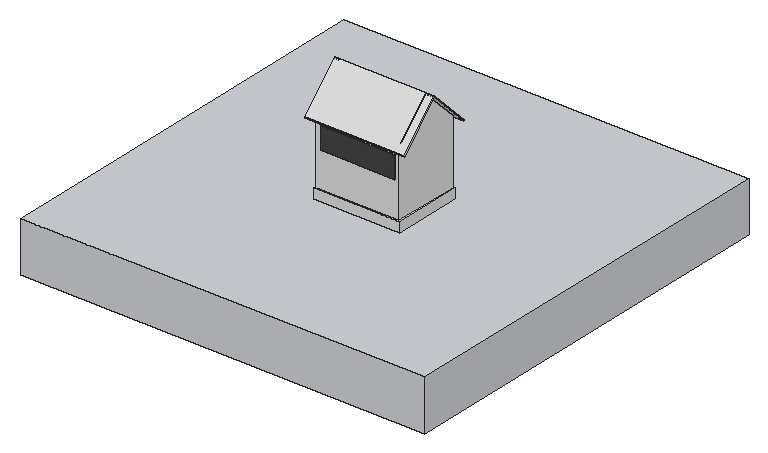
Revit family "KOMPLEKS CHEMOWENT - Czerpnia dachowa", category Akcesoria wentylacyjne, Revit 2016
Family settings
  Obiekt nadrzędny = Powierzchnia
  Typ części = Dzieli na
  Wymiar okrągłego złącza = Użyj średnicy
  Tnij formami wycięć po wczytaniu = Tak
  Współdzielony = Nie
Parameters
  x [instance] = Wysokość czerpni * 0.1  # 60 mm
  Odsunięcie kratki [instance] = Długość spadu * sin(Nachylenie dachu) + 30 mm  # 256.274 mm
  d [instance] = B ogr + 20 mm  # 520 mm
  c [instance] = A ogr + 20 mm  # 420 mm
  Zakres grubości płyt [instance] = "4,6,8,10 i 12 mm"
  Wysokość podstawy [instance] = 60 mm
  Wysokość czerpni [instance] = 600 mm
  URL = "https://chemowent.pl/"
  Szerokość czerpni [instance] = 400 mm
  Producent = "KOMPLEKS CHEMOWENT"
  Opis = "2.2.11. Czerpnia dachowa"
  Nachylenie dachu [instance] = 45.00°
  Model = "Czerpnia dachowa"
  Materiał = KOMPLEKS CHEMOWENT - PPs
  L [instance] = if(Wysokość czerpni < 500 mm, 500 mm, Wysokość czerpni)  # 600 mm
  Kratka = KOMPLEKS CHEMOWENT - żaluzja
  Grubość płyt [instance] = 10 mm
  Długość spadu [instance] = Szerokość czerpni * 0.8  # 320 mm
  Długość czerpni [instance] = 500 mm
  Default Elevation = 1219.2 mm
  Dokumentacja techniczna = "https://chemowent.pl/dopobrania/Katalog-techniczny-Chemowent"
  B ogr [instance] = if(Długość czerpni < 300 mm, 300 mm, Długość czerpni)  # 500 mm
  Autor = "www.archispace.pl"
  A ogr [instance] = if(Szerokość czerpni < 300 mm, 300 mm, Szerokość czerpni)  # 400 mm
Reference planes
  plane 1 "Środek (Przód/Tył)": y = 0
  plane 2: z = 0
  plane 3 "Środek (Lewa/Prawa)": x = 0
  plane 4: x = -260
  plane 5: x = 260
  plane 6: y = 210
  plane 7: y = -210
  plane 8: x = -250
  plane 9: x = 250
  plane 10: y = 200
  plane 11: y = -200
  plane 12: z = 660
  plane 13: z = 60
  plane 14: z = 330
Forms (mm)
  Extrusion 1, solid
    sketch origin (0, 0, 0) x (1, 0, 0) y (0, 1, 0)
      loop
        line (-1219.2, 1219.2) -> (-1219.2, -1219.2) -> (1219.2, -1219.2) -> (1219.2, 1219.2) -> (-1219.2, 1219.2)
    from 0 to -304.8
  Extrusion 2, solid, material "KOMPLEKS CHEMOWENT - PPs" <- "Materiał", detail levels fine
    sketch origin (0, 0, 0) x (1, 0, 0) y (0, 1, 0)
      loop
        line (-250, 200) -> (-250, -200) -> (250, -200) -> (250, 200) -> (-250, 200)
    from 0 to 660
  Extrusion 3, solid, material "KOMPLEKS CHEMOWENT - PPs" <- "Materiał", detail levels fine
    sketch origin (0, 0, 0) x (1, 0, 0) y (0, 1, 0)
      loop
        line (-260, 210) -> (-260, -210) -> (260, -210) -> (260, 210) -> (-260, 210)
    from 0 to 60 <- "Wysokość podstawy"
  Extrusion 4, solid, material "KOMPLEKS CHEMOWENT - PPs" <- "Materiał", detail levels fine
    sketch origin (0, 0, 0) x (0, 1, 0) y (0, 0, 1)
      loop
        line (0, 660) -> (-226.274, 433.726) -> (-222.739, 430.19) -> (0, 652.929) -> (222.739, 430.19) -> (226.274, 433.726) -> (0, 660)
    from -300 to 300
  Extrusion 5, void
    sketch origin (0, 0, 0) x (0, 1, 0) y (0, 0, 1)
      loop
        line (-210, 660) -> (-210, 450) -> (0, 660) -> (-210, 660)
    from -250 to 250
  Extrusion 6, void
    sketch origin (0, 0, 0) x (0, 1, 0) y (0, 0, 1)
      loop
        line (0, 660) -> (200, 460) -> (200, 660) -> (0, 660)
    from -250 to 250
  Extrusion 7, solid, material "KOMPLEKS CHEMOWENT - żaluzja" <- "Kratka", detail levels fine
    sketch origin (0, 0, 0) x (1, 0, 0) y (0, 0, 1)
      loop
        line (-225, 403.726) -> (-225, 270) -> (225, 270) -> (225, 403.726) -> (-225, 403.726)
    from 200 to 201
  Extrusion 8, solid, material "KOMPLEKS CHEMOWENT - PPs" <- "Materiał", detail levels medium
    sketch origin (0, 0, 0) x (0, 1, 0) y (0, 0, 1)
      loop
        line (-200, 0) -> (200, 0) -> (200, 460) -> (0, 660) -> (-200, 460) -> (-200, 0)
    from -250 to 250
Cuts and joins
  Extrusion 5, Extrusion 6 cuts Extrusion 2
  joined: Extrusion 2, Extrusion 3, Extrusion 4
Lines and regions (mm)
  model lines, style "DuctAccessory", detail levels coarse
    curve 1: line (0, -410, 330) -> (0, -210, 330)
    curve 2: line (0, -210, 330) -> (0, -280.711, 400.711)
    curve 3: line (0, -210, 330) -> (0, -280.711, 259.289)
    curve 4: line (0, -210, 330) -> (-70.711, -280.711, 330)
    curve 5: line (0, -210, 330) -> (70.711, -280.711, 330)
    curve 6: line (-250, 0, 660) -> (250, 0, 660)
    curve 7: line (-250, 0, 0) -> (-250, 0, 660)
    curve 8: line (250, 0, 0) -> (-250, 0, 0)
    curve 9: line (250, 0, 660) -> (250, 0, 0)
Dimensions and locks
  equal spacing: plane 8, plane 3 "Środek (Lewa/Prawa)", plane 9
  "B ogr": plane 8 to plane 9
  equal spacing: plane 10, plane 1 "Środek (Przód/Tył)", plane 11
  "A ogr": plane 10 to plane 11
  "c": plane 6 to plane 7
  "d": plane 4 to plane 5
  equal spacing: plane 6, plane 1 "Środek (Przód/Tył)", plane 7
  equal spacing: plane 4, plane 3 "Środek (Lewa/Prawa)", plane 5
  "Wysokość podstawy": plane 13 to level
  "L": plane 12 to plane 13
  "Długość spadu": Extrusion 4 sketch curve to Extrusion 4 sketch curve  (x2)
  locked: Extrusion 4 sketch curve to Extrusion 4 sketch curve at 5  (x2)
  locked: Extrusion 4 to plane 9 at 50
  locked: plane 8 to Extrusion 4 at 50
  locked: Extrusion 7 sketch curve to plane 8 at 25
  locked: plane 9 to Extrusion 7 sketch curve at 25
  "Odsunięcie kratki": plane 12 to Extrusion 7 sketch curve
  locked: Extrusion 7 to plane 11 at 1
  equal spacing: plane 12, curve 1, level
  locked: curve 1 to plane 7 at 200
  locked: curve 3 to curve 3 at 100
  locked: curve 2 to curve 2 at 100
  equal spacing: plane 12, plane 14, level
  locked: curve 5 to curve 5 at 100
  locked: curve 4 to curve 4 at 100
  "x": plane 14 to Extrusion 7 sketch curve
  "Nachylenie dachu": angle Extrusion 4 sketch curve to plane 12
  locked: Extrusion 4 sketch curve to Extrusion 4 sketch curve (angle 90.00°)  (x2)
  "Nachylenie dachu": angle plane 12 to Extrusion 4 sketch curve
  "Nachylenie dachu": angle plane 12 to Extrusion 5 sketch curve
  "Nachylenie dachu": angle Extrusion 6 sketch curve to plane 12
  "Nachylenie dachu": angle Extrusion 8 sketch curve to plane 12
  "Nachylenie dachu": angle plane 12 to Extrusion 8 sketch curve
  locked: curve 2 to curve 1 (angle 45.00°)
  locked: curve 1 to curve 3 (angle 45.00°)
  locked: curve 4 to plane 3 "Środek (Lewa/Prawa)" (angle 45.00°)
  locked: plane 3 "Środek (Lewa/Prawa)" to curve 5 (angle 45.00°)
  aligned and locked: plane 2 to Extrusion 1
  aligned and locked: level to Extrusion 1
  aligned and locked: Extrusion 2 sketch curve to plane 8
  aligned and locked: Extrusion 2 sketch curve to plane 10
  aligned and locked: Extrusion 2 sketch curve to plane 9
  aligned and locked: Extrusion 2 sketch curve to plane 11
  aligned and locked: Extrusion 3 sketch curve to plane 4
  aligned and locked: Extrusion 3 sketch curve to plane 6
  aligned and locked: Extrusion 3 sketch curve to plane 5
  aligned and locked: Extrusion 3 sketch curve to plane 7
  aligned and locked: plane 12 to Extrusion 2
  aligned and locked: cut or joined group of Extrusion 2, Extrusion 3, Extrusion 4, Extrusion 5, Extrusion 6 to level
  aligned and locked: plane 12 to Extrusion 4 sketch curve
  aligned and locked: plane 1 "Środek (Przód/Tył)" to Extrusion 4 sketch curve  (x2)
  aligned and locked: Extrusion 5 to plane 8
  aligned and locked: plane 9 to Extrusion 5
  aligned and locked: Extrusion 5 sketch curve to plane 7
  aligned and locked: Extrusion 5 sketch curve to plane 12
  aligned and locked: plane 1 "Środek (Przód/Tył)" to Extrusion 5 sketch curve
  aligned and locked: plane 12 to Extrusion 5 sketch curve
  aligned and locked: Extrusion 6 sketch curve to plane 12
  aligned and locked: Extrusion 6 sketch curve to plane 10
  aligned and locked: plane 1 "Środek (Przód/Tył)" to Extrusion 6 sketch curve
  aligned and locked: Extrusion 6 to plane 8
  aligned and locked: plane 9 to Extrusion 6
  aligned and locked: plane 11 to Extrusion 7
  aligned and locked: plane 11 to Extrusion 8 sketch curve
  aligned and locked: Extrusion 8 sketch curve to plane 10
  aligned and locked: level to Extrusion 8 sketch curve
  aligned and locked: plane 12 to Extrusion 8 sketch curve
  aligned and locked: plane 1 "Środek (Przód/Tył)" to Extrusion 8 sketch curve
  aligned and locked: Extrusion 8 to plane 8
  aligned and locked: plane 9 to Extrusion 8
  aligned and locked: plane 7 to curve 3
  aligned and locked: plane 7 to curve 2
  aligned and locked: plane 3 "Środek (Lewa/Prawa)" to curve 3
  aligned and locked: plane 7 to curve 4
  aligned and locked: plane 3 "Środek (Lewa/Prawa)" to curve 5
  aligned and locked: curve 6 to plane 12
  aligned and locked: plane 8 to curve 7
  aligned and locked: level to curve 8
  aligned and locked: curve 9 to plane 9
Automatic sketch dimensions
  Extrusion 1 sketch curve to Extrusion 1 sketch curve = 2438.4 mm  (x2)
Connectors
  hvac at (0, 0, 0), driven by "Szerokość czerpni", driven by "Długość czerpni"
    settings: on cut or joined group of Extrusion 2, Extrusion 3, Extrusion 4, Extrusion 5, Extrusion 6, index 1, duct flow 0.0 L/s, flow factor 0, pres drop 0.0 Pa, loss coef 0, conn angle 0.00°, conn width 500 mm, conn height 400 mm, conn diameter 609.6 mm, duct sys type 1, conn prof type 1, flow config 0, flow direction 2, loss method 0, conn ref index -1, conn util no, is conn primary yes, conn desc ""
